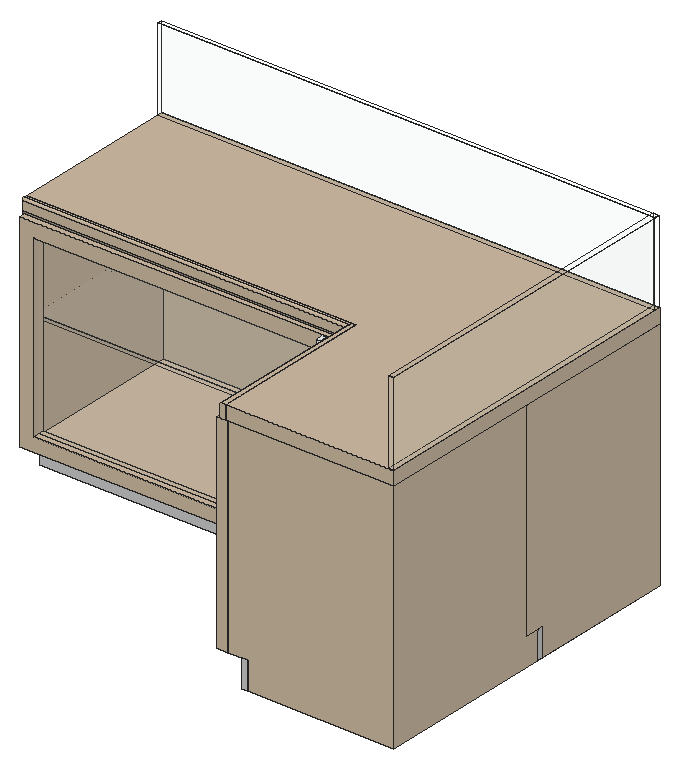
Revit family "Kitchen_Cabinet_Corner", category Casework, Revit 2021 (continued)
Types (41, lengths in mm): name | XXXDouble Swing Panel Glass Vis | Wall unit height calc | Void Side Offset For Corner Unit Back | Void Side Offset For Corner Unit | Symbol Lines Panel Height Calc | Width Half | Width | KickPlate Right Side Offset Calc | KickPlate Left Side Offset Calc | Draw Handle VisCalc | Depth Top Calc | Corner Unit Top 45 Degree Visibility | Corner Unit Shelve VisCalc | Corner Unit 45 Degree Side Depth For KickPlateCalc | Corner Unit 45 Degree Shelve Depth Calc | Corner Unit 45 Degree Depth Calc | Bottom Base VisCalc | BackSplash VisCalc | Top VisCalc | Symbol Lines 2D Plan Sliding Door | Symbol Lines 2D Elevation HS RIGHT | Symbol Lines 2D Elevation HS LEFT | Symbol Lines 2D Plan RIGHT | Symbol Lines 2D Plan LEFT | Shell VisCalc | Height | Fix Panel Top & Bottom Offset Calc | Fix Panel Geomtry Width Calc | Door Handle Visibility | Depth | Corner Unit Void Height Calc | Corner Unit Top VisCalc | Corner Unit Top Profile VisCalc | Corner Unit Panel VisCalc | Corner Unit Panel Height Calc | Sink 2 Visibility | Extractor Hood Visibility | Corner Unit Door Top Offset Calc | Corner Unit Door Handle VisCalc | Corner Unit BackSplash(45 Degrees) VisCalc | Wall Corner Unit VisCalc | XXXVoid Leg Vis Calc | Corner Unit Width Calc | Corner Unit Width | Corner Unit Door Width Calc | Corner Unit Depth Calc | Corner Unit 45 Degree Visibility | Corner Unit  Visibility | Bottom Base Height | Back Splash Visibility | Corner Unit Back Splash VisCalc | Symbol Lines From Hinge Side | Symbol Lines Drawers VisCalc | Cooker Middle Burner VisCalc | Cooker Burner Front & Back Offset Calc | Cooker Burner Front & Back Offset | Cooker Burner Sides Offset | Cooker Burner Side Offset Calc | Cooker Width | Cooker Width Half Calc | Cooker Depth Calc | Oven VisCalc | Oven Position Plan | Oven Visibility | Drainer VisCalc | Drainer Visibility | Cooker VisCalc | Cooker Calc | Cooker Visibility | Wall Unit Height | Width Calc | Void On/Off Calc | Void Height Calc | Sliding Door Profile Distance Calc | Sliding Door Offset Calc | Sliding Door Calc | Sliding Door | Sink Calc | Sink VisCalc | Sink Visibility | Side S PW O | Side S PW I | Side D PW O | Side D PW I | Shelve VisCalc | Pannel Side Calc | XXXPanel Height Calc | Panel Glass End Calc | Panel Glass VisCalc | Panel Frame Thickness Bottom Calc | Panel Frame Visibility | Panel Between | Middle Vis | Just Drawers VisCalc | Just Drawers | Hinge Position Right Calc | Hinge Position Left Calc | Hinge Position IO Calc | Top Profile VisCalc | Drawers Calc | Draw Width Calc | Draw Side Distance Calc | XXXDraw Depth Position Calc | Draw Count | Double Swing VisCalc | Double Swing | Doors VisCalc | Doors Visibility | XXXDoor Top Offset Calc | Door Handle Right VisCalc | Door Handle Height | Door Handle Offset From Top | Door Handle Left VisCalc | Door Handle VisCalc | XXXDoor Bottom Offset Calc | Divider A Left Calc | XXXDepth Shelves & Divider Depth Calc | Bottom Base Height Calc | Adiitional Drawers VisCalc | XXXAdiitional Drawers Height Min Calc | Additonal Draw Handle VisCalc | Additional Drawers Count | XXXAdiitional Drawers Height Position Calc BOTTOM | Additional Drawers Height Calc | Shelves Width Calc | Shelves Count | Depth Inner Side Calc | XXXLeft Divider Height Calc 2 | XXXLeft Divider Height Calc | A Left Divider Height | A Left Divider Distance | Sink Depth | Sink Depth Calc | Sink Radius Max Calc | Sink 2 Calc | Sink 2 VisCalc | Sink 2 Depth Calc | Sink 2 Depth | Sink Drainer Left Length Calc | Sink Drainaer VisCalc | CornerUnit Shelve Widh Calc | XXXDrawers Height Position Calc Top RETURN | XXXDrawers Height Min Calc RETURN | XXXDrawers Count Calc 2 | XXXDrawers Count Calc 1 | XXXDrawers Height Bottom Position Calc | XXXDrawers Height Calc | XXXHeight Calc | XXXDrawers Height Calc. | XXXHeight Calc PB & PNB | XXXKickplate VisCalc | XXXCorner Unit Kickplate VisCalc | XXX 45 Degree Corner Unit Shelve Width
  Single Floor Drawers Unit | no | 0 | 1200 | 600 | 50 | 300 | 600 | 0 | 0 | yes | 630 | no | no | 530 | 590 | 610 | yes | yes | yes | no | no | no | no | no | yes | 900 | 0 | 2 | no | 600 | 650 | no | no | no | 750 | no | no | 0 | no | no | no | 100 | 600 | 600 | 555 | 300 | no | no | 100 | yes | no | yes | yes | no | 99 | 0 | 0 | 99 | 500 | 250 | 500 | 500 | 41 | no | no | no | no | 500 | no | 0 | 560 | 40 | 5 | 0 | 0 | no | no | 500 | no | no | 600 | 550 | 297.5 | 272.5 | no | 600 | 2 | 55 | no | 50 | no | no | no | yes | yes | 0 | 0 | 340 | yes | yes | 600 | 0 | 340 | 4 | no | no | no | no | 761 | no | 200 | 0 | no | no | 0 | no | 575 | 100 | no | 2 | no | 0 | 0 | 2 | 560 | 0 | 560 | 100 | 100 | 0 | 0 | 450 | 450 | 195 | 500 | no | 450 | 450 | 30 | 500 | 580 | 187.5 | 182.5 | 4 | 4 | 0 | 182.5 | 850 | 192.5 | 750 | yes | no | 640
  Corner Unit | no | 0 | 1200 | 600 | 745 | 600 | 1200 | 0 | 0 | no | 630 | no | yes | 530 | 590 | 610 | yes | yes | no | no | no | no | no | no | yes | 900 | 0 | 642 | yes | 600 | 650 | yes | yes | yes | 750 | no | no | 0 | yes | no | no | 100 | 600 | 600 | 555 | 600 | no | yes | 100 | yes | yes | yes | no | no | 99 | 0 | 0 | 99 | 500 | 250 | 500 | 500 | 41 | no | no | no | no | 500 | no | 0 | 1160 | 0 | 645 | 0 | 0 | no | no | 500 | no | no | 1200 | 1150 | 597.5 | 572.5 | yes | 560 | 745 | 695 | yes | 50 | yes | no | yes | no | no | 0 | 0 | 340 | no | no | 1200 | 0 | 340 | 0 | no | no | yes | yes | 5 | no | 200 | 0 | yes | yes | 0 | no | 575 | 100 | no | 745 | no | 0 | 0 | 745 | 1160 | 1 | 560 | 100 | 100 | 0 | 0 | 450 | 450 | 195 | 500 | no | 450 | 450 | 30 | 500 | 580 | 0 | 179 | 1 | 2 | 750 | 179 | 850 | 179 | 750 | yes | yes | 1240
